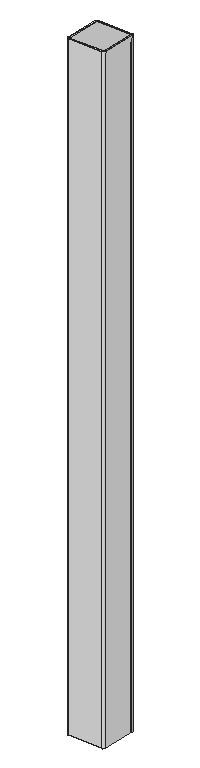
Revit family "CFT-직사각형 및 정사각형으로 채워진 튜브-기둥", category 구조 기둥, Revit 2026
Family settings
  단면 모양 = 정의되지 않음
  모델 동작 재료 = 스틸
  항상 형상으로 내보내기 = 아니오
  평면의 보 전환 = 경계 상자에서
  로드될 때 보이드를 사용하여 절단 = 아니오
  기호 표현 = 프로젝트 설정에서
  공유 = 아니오
  평면도에서 미리 절단된 패밀리 표시 = 예
Parameters (values of type "CFT150x150x5")
  기둥 재료 [instance] = 금속 - 스틸 - 345 MPa
  Assembly Code = ""
  Structural Material [instance] = 콘크리트 - 현장타설 콘크리트
  A = 0.003 m²
  Ht = 150 mm
  W = 0.2183
  모양 = "정사각형"
  b = 150 mm
  kr = 2 * t  # 10 mm
  t = 5 mm
Reference planes
  plane 1 "중심(앞/뒤)": y = 0
  plane 2: z = 0
  plane 3 "중심(왼쪽/오른쪽)": x = 0
  plane 4: x = -75
  plane 5: x = 75
  plane 6: y = 75
  plane 7: y = -75
  plane 8: x = -65
  plane 9: y = -65
  plane 10: y = 65
  plane 11: x = 65
Forms (mm)
  Extrusion 1, solid, material "금속 - 스틸 - 345 MPa" <- "기둥 재료", detail levels medium
    sketch origin (0, 0, 0) x (1, 0, 0) y (0, 1, 0)
      loop
        line (-75, 75) -> (-75, -75) -> (75, -75) -> (75, 75) -> (-75, 75)
      loop
        line (-70, 70) -> (-70, -70) -> (70, -70) -> (70, 70) -> (-70, 70)
    from 0 to 2500
  Extrusion 2, solid, material "금속 - 스틸 - 345 MPa" <- "기둥 재료", detail levels fine
    sketch origin (0, 0, 0) x (1, 0, 0) y (0, 1, 0)
      loop
        arc (-65, 75) -> (-72.071, 72.071) -> (-75, 65) r 10
        line (-75, 65) -> (-75, -65)
        arc (-75, -65) -> (-72.071, -72.071) -> (-65, -75) r 10
        line (-65, -75) -> (65, -75)
        arc (65, -75) -> (72.071, -72.071) -> (75, -65) r 10
        line (75, -65) -> (75, 65)
        arc (75, 65) -> (72.071, 72.071) -> (65, 75) r 10
        line (65, 75) -> (-65, 75)
      loop
        arc (-65, 70) -> (-68.536, 68.536) -> (-70, 65) r 5
        line (-70, 65) -> (-70, -65)
        arc (-70, -65) -> (-68.536, -68.536) -> (-65, -70) r 5
        line (-65, -70) -> (65, -70)
        arc (65, -70) -> (68.536, -68.536) -> (70, -65) r 5
        line (70, -65) -> (70, 65)
        arc (70, 65) -> (68.536, 68.536) -> (65, 70) r 5
        line (65, 70) -> (-65, 70)
    from 0 to 2500
  Extrusion 3, solid, material "콘크리트 - 현장타설 콘크리트" <- "Structural Material", detail levels medium
    sketch origin (0, 0, 0) x (1, 0, 0) y (0, 1, 0)
      loop
        line (-70, 70) -> (-70, -70) -> (70, -70) -> (70, 70) -> (-70, 70)
    from 0 to 2500
  Extrusion 4, solid, material "콘크리트 - 현장타설 콘크리트" <- "Structural Material", detail levels fine
    sketch origin (0, 0, 0) x (1, 0, 0) y (0, 1, 0)
      loop
        line (-70, 65) -> (-70, -65)
        arc (-70, -65) -> (-68.536, -68.536) -> (-65, -70) r 5
        line (-65, -70) -> (65, -70)
        arc (65, -70) -> (68.536, -68.536) -> (70, -65) r 5
        line (70, -65) -> (70, 65)
        arc (70, 65) -> (68.536, 68.536) -> (65, 70) r 5
        line (65, 70) -> (-65, 70)
        arc (-65, 70) -> (-68.536, 68.536) -> (-70, 65) r 5
    from 0 to 2500
Lines and regions (mm)
  symbolic lines, style "StructuralColumnStickSymbols", detail levels coarse
    curve 1: line (-75, 75, 0) -> (75, 75, 0)
    curve 2: line (-75, -75, 0) -> (75, -75, 0)
    curve 5: line (-75, 75, 0) -> (-75, -75, 0)
    curve 6: line (75, 75, 0) -> (75, -75, 0)
  symbolic lines, style "숨겨진 면", detail levels medium+fine
    curve 3: line (-70, 0, 0) -> (-70, 0, 2500)
    curve 4: line (70, 0, 2500) -> (70, 0, 0)
Dimensions and locks
  equal spacing: plane 4, plane 3 "중심(왼쪽/오른쪽)", plane 5
  equal spacing: plane 7, plane 1 "중심(앞/뒤)", plane 6
  "Ht": plane 7 to plane 6
  "b": plane 4 to plane 5
  "t": Extrusion 1 sketch curve to plane 5
  "t": plane 4 to Extrusion 1 sketch curve
  "t": Extrusion 1 sketch curve to plane 6
  "t": Extrusion 1 sketch curve to plane 7
  "t": Extrusion 2 sketch curve to plane 6
  "t": Extrusion 2 sketch curve to plane 5
  "t": plane 4 to Extrusion 2 sketch curve
  "t": Extrusion 2 sketch curve to plane 7
  "kr": plane 10 to plane 6
  "kr": plane 7 to plane 9
  "kr": plane 11 to plane 5
  "kr": plane 4 to plane 8
  "t": radius of Extrusion 4 sketch curve  (x4)
  aligned and locked: plane 6 to Extrusion 1 sketch curve
  aligned and locked: Extrusion 1 sketch curve to plane 7
  aligned and locked: Extrusion 1 sketch curve to plane 4
  aligned and locked: plane 5 to Extrusion 1 sketch curve
  aligned and locked: level to Extrusion 1
  aligned and locked: level to plane 2
  aligned and locked: Extrusion 1 to plane 2
  aligned and locked: curve 1 to Extrusion 2 sketch curve
  aligned and locked: Extrusion 2 sketch curve to Extrusion 1
  aligned and locked: level to Extrusion 2
  aligned and locked: curve 4 to Extrusion 2
  aligned and locked: curve 3 to Extrusion 2
  aligned and locked: Extrusion 1 to Extrusion 3 sketch curve
  aligned and locked: Extrusion 3 sketch curve to Extrusion 1  (x3)
  aligned and locked: level to Extrusion 3
  aligned and locked: Extrusion 2 to Extrusion 3
  aligned and locked: Extrusion 4 sketch curve to Extrusion 2  (x4)
  aligned and locked: level to Extrusion 4
  aligned and locked: Extrusion 2 to Extrusion 4
Automatic sketch dimensions
  Extrusion 2 sketch curve to plane 8 = 0 mm  (x4)
  Extrusion 2 sketch curve to plane 7 = 0 mm
  Extrusion 2 sketch curve to plane 11 = 0 mm
  Extrusion 2 sketch curve to plane 10 = 0 mm  (x2)
  Extrusion 2 sketch curve to plane 9 = 0 mm  (x2)
  curve 3 to level = 0 mm  (x2)
  curve 4 to level = 0 mm  (x2)
  curve 5 to plane 4 = 0 mm
  curve 2 to plane 5 = 0 mm
  curve 5 to plane 7 = 0 mm
  curve 5 to plane 6 = 0 mm
